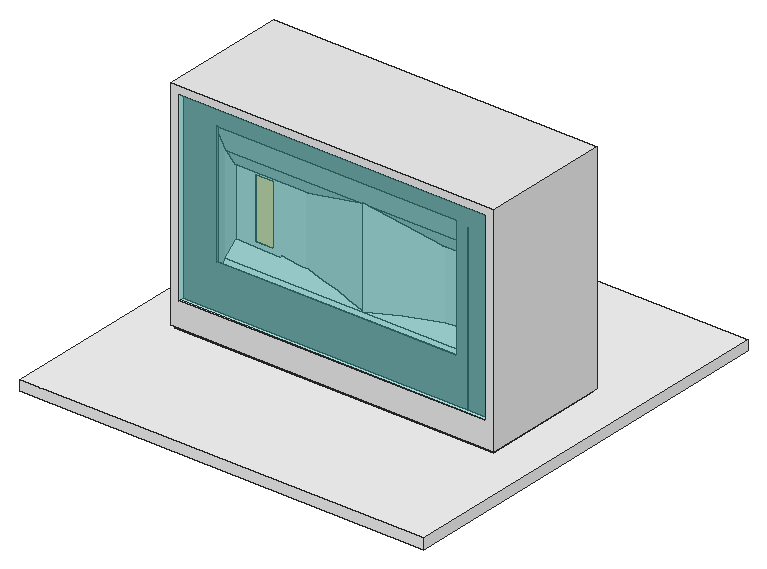
Revit family "BE_33378_de_DE", category Leuchten, Revit 2015
Parameters (values of type "BEGA_33378_Weiß_K4")
  built-in parameter 1150104 = 11.14 (stored number, unit not read)
  Wattage = 43.2 W
  Default Elevation = 0 mm
  built-in parameter 1150113 = 1 (stored number, unit not read)
  built-in parameter 1114218 = 1 (stored number, unit not read)
  Umgebungstemperatur = "25 °C"
  URL = "http://www.bega.de/produkt/33378"
  Typenkommentare = "© 2015 BEGA. Wir behalten uns das Recht vor, technische Änderungen ohne vorherige Ankündigung vorzunehmen."  # constant formula
  Type Image = 33378.png
  built-in parameter 1150134 = 12
  built-in parameter 1150109 = 1 (stored number, unit not read)
  Strom = ""
  built-in parameter 1150110 = 1 (stored number, unit not read)
  Spannung = 0 V
  Sonderanfertigung = no
  Seriennummer [instance] = "Hier können Sie die eindeutige Seriennummer für das Facility Management eintragen."
  Schutzklasse = "I"
  Schutzart = "IP 65"
  Scheinlast = 0 VA
  Produktdatenblatt = "http://www.bega.de/download/datenblaetter/de/33378.pdf"
  Neigungswinkel = 0.00°
  Modell = "33378WK4"
  Material_17 = BEGA_Reflektor
  Material_15 = BEGA_Leuchtmedium_matt
  Material_09 = BEGA_Glas_klar
  Material_06 = BEGA_Oberfläche_Edelstahl_gebürstet
  Material_03 = BEGA_Oberfläche_Weiss_matt
  Material_02 = BEGA_Oberfläche_Silber_matt
  Material_01 [instance] = BEGA_Oberfläche_Grafit_matt
  M_W = yes
  M_G = no
  M_A = no
  Logo = 0
  built-in parameter 1114217 = 1 (stored number, unit not read)
  built-in parameter 1150139 = (empty or 0)
  built-in parameter 1150105 = 412.22 (stored number, unit not read)
  built-in parameter 1150114 = 1 (stored number, unit not read)
  Lumens = 5180.11 lm
  built-in parameter 1150115 = 1 (stored number, unit not read)
  Leuchtenlichtstrom = "3539 lm"
  Leuchtenanzahl = ""
  Lebensdauerkriterien = "L70 = 50.000 h"
  Lastklassifizierung = Beleuchtung
  built-in parameter 1150112 = 1 (stored number, unit not read)
  Lampenlichtstrom = "5180 lm"
  Lampe = "LED 43.2 W"
  LED_Modulbezeichnung = "2x LED-0282/840 "
  built-in parameter 1150142 = (empty or 0)
  Hersteller = "BEGA"  # constant formula
  Gewicht = "5.35 kg"
  Frequenz = "0/50-60 Hz"
  Farbwiedergabeindex = "Ra > 80"
  Farbtemperaturverschiebung bei Dämpfen der Lampe = <Keine Auswahl>
  Farbtemperatur = "4000 K"
  Color Filter = 16777215
  built-in parameter 1150133 = 10 (stored number, unit not read)
  Energieeffizienzklasse = "LED A++ - A"
  built-in parameter 1150137 = (empty or 0)
  built-in parameter 1150132 = (empty or 0)
  Datei für fotometrisches Netz = "BE_33378K4.IES"
  CE_Konformität = "ja"
  Bestellnummer = "33378WK4"
  Beschreibung_Sonderanfertigung = "Hier können Sie Informationen zur Sonderanfertigung eintragen."
  Beschreibung = "Wandleuchte"
  built-in parameter 1150106 = 4.1222 (stored number, unit not read)
  Befestigungsbohrung = "Ø 6,5 mm"
  Befestigungsabstand = "280 x 70 mm"
  BEGA_Intern_aus = yes
  BEGA_Intern_an = yes
  BEGA_Intern_Konstruktion = yes
  BEGA_Intern = yes
  BEGA_IES = yes
  BEGA_Dummy = no
  Anschlussleistung [instance] = "49.5 W"
  built-in parameter 1150107 = 4000 (stored number, unit not read)
  built-in parameter 1150102 = (empty or 0)
  built-in parameter 1150138 = (empty or 0)
  Aktualisierung = "2015-11-03T04:10:14"
  AC/DC = "AC/DC"
Types (7, lengths in mm): name | built-in parameter 1150104 | built-in parameter 1150134 | Modell | M_W | M_G | M_A | built-in parameter 1150105 | Lumens | Lampenlichtstrom | LED_Modulbezeichnung | Farbtemperatur | Datei für fotometrisches Netz | Bestellnummer | built-in parameter 1150106 | built-in parameter 1150107
  (no name) | 11.14 (stored number, unit not read) | 12 | "33378WK4" | yes | no | no | 412.22 (stored number, unit not read) | 5180.11 lm | "5180 lm" | "2x LED-0282/840 " | "4000 K" | "BE_33378K4.IES" | "33378WK4" | 4.1222 (stored number, unit not read) | 4000 (stored number, unit not read)
  BEGA_33378_Weiß_K4 | 11.14 (stored number, unit not read) | 12 | "33378WK4" | yes | no | no | 412.22 (stored number, unit not read) | 5180.11 lm | "5180 lm" | "2x LED-0282/840 " | "4000 K" | "BE_33378K4.IES" | "33378WK4" | 4.1222 (stored number, unit not read) | 4000 (stored number, unit not read)
  BEGA_33378_Grafit_K4 | 11.14 (stored number, unit not read) | 12 | "33378K4" | no | yes | no | 412.22 (stored number, unit not read) | 5180.11 lm | "5180 lm" | "2x LED-0282/840 " | "4000 K" | "BE_33378K4.IES" | "33378K4" | 4.1222 (stored number, unit not read) | 4000 (stored number, unit not read)
  BEGA_33378_Silber_K4 | 11.14 (stored number, unit not read) | 12 | "33378AK4" | no | no | yes | 412.22 (stored number, unit not read) | 5180.11 lm | "5180 lm" | "2x LED-0282/840 " | "4000 K" | "BE_33378K4.IES" | "33378AK4" | 4.1222 (stored number, unit not read) | 4000 (stored number, unit not read)
  BEGA_33378_Silber_K3 | 10.409 (stored number, unit not read) | (empty or 0) | "33378A" | no | no | yes | 385.17 (stored number, unit not read) | 4840.13 lm | "4840 lm" | "2x LED-0282/830 " | "3000 K" | "BE_33378.IES" | "33378A" | 3.8517 (stored number, unit not read) | 3000 (stored number, unit not read)
  BEGA_33378_Weiß_K3 | 10.409 (stored number, unit not read) | (empty or 0) | "33378W" | yes | no | no | 385.17 (stored number, unit not read) | 4840.13 lm | "4840 lm" | "2x LED-0282/830 " | "3000 K" | "BE_33378.IES" | "33378W" | 3.8517 (stored number, unit not read) | 3000 (stored number, unit not read)
  BEGA_33378_Grafit_K3 | 10.409 (stored number, unit not read) | (empty or 0) | "33378" | no | yes | no | 385.17 (stored number, unit not read) | 4840.13 lm | "4840 lm" | "2x LED-0282/830 " | "3000 K" | "BE_33378.IES" | "33378" | 3.8517 (stored number, unit not read) | 3000 (stored number, unit not read)
Reference planes
  plane 1 "Mitte (Vorne/Hinten)": y = 0
  plane 2: z = 0
  plane 3 "Mitte (Links/Rechts)": x = 0
  plane 4 "Links": x = -159.909
  plane 5 "Rechts": x = 159.909
  plane 6 "Unten": y = -63.574
  plane 7 "Oben": y = 63.574
  plane 8 "Vorne": z = 216.909
Forms (mm)
  Extrusion 1, solid, material "BEGA_Platte_Weiss"
    sketch origin (0, -1119.2, 0) x (1, 0, 0) y (0, 1, 0)
      loop
        line (-200, 1319.2) -> (-200, 919.2) -> (200, 919.2) -> (200, 1319.2) -> (-200, 1319.2)
    from 0 to -10
  Extrusion 2, solid, material "BEGA_Dummy_matt", visible <- "BEGA_Dummy"
    sketch origin (80.095, -76.023, 0) x (1, 0, 0) y (0, 1, 0)
      loop
        line (-240.004, 139.597) -> (-240.004, 12.449) -> (79.814, 12.449) -> (79.814, 139.597) -> (-240.004, 139.597)
    from 0 to 25.379
Dimensions and locks
  plane 1 "Mitte (Vorne/Hinten)" to Extrusion 1 = 200 mm
  aligned and locked: plane 2 to Extrusion 1
  aligned and locked: level to Extrusion 1
Nested families
  nested 1: "BE_33378_Wandleuchte" at (0, 0, 0), type "BE_33378_Wandleuchte"
    with BEGA_Infotext_Winkel no
Connectors
  electrical at (0, 0, 0), driven by "Lastklassifizierung", driven by "Spannung", driven by "Scheinlast"
    settings: index 1, voltage 0 V, apparent load 0 VA, apparent load phase1 0 VA, apparent load phase2 0 VA, apparent load phase3 0 VA, power factor 1, load classification "Beleuchtung", number of poles 1, system type 31, power factor state 1, is connector primary yes, connector utility no, sub classification motor no, connector description ""
Definition of nested family "BE_33378_Wandleuchte"
  Parameters (values of type "BE_33378_Wandleuchte")
    Default Elevation = 1 mm
    URL = "http://www.bega.de/de/produkt"
    Type Comments = "© 2015 BEGA. Wir behalten uns das Recht vor, technische Änderungen ohne vorherige Ankündigung vorzunehmen. "  # constant formula
    Type Image = Bega_Revit_Typenbild_78x78.png
    Material_17 = none
    Material_15 = none
    Material_09 = none
    Material_03 = none
    Material_02 = none
    Material_01 = none
    M_W = yes
    M_G = yes
    M_A = yes
    Länge_Platte = 350 mm  # constant formula
    Höhe_Platte = -10 mm  # constant formula
    Manufacturer = "BEGA"  # constant formula
    Breite_Platte = 200 mm  # constant formula
    BEGA_Infotext_Winkel [instance] = no
    Aktualisierung = "Stand: 25.03.2015"  # constant formula
  Reference planes
    plane 1 "Mitte (Oben/Unten)": y = 0
    plane 2: z = 0
    plane 3 "Mitte (Links/Rechts)": x = 0
    plane 4 "Oben": y = 63.574
    plane 5: z = 216.909
    plane 6: x = 159.909
    plane 7: x = -159.909
    plane 8: y = -63.574
  Forms (mm)
    Extrusion 1, solid, detail levels medium
      sketch origin (0, 0, 0) x (1, 0, 0) y (0, 1, 0)
        loop
          line (-175, 100) -> (-175, -100) -> (175, -100) -> (175, 100) -> (-175, 100)
      from 0 to -10 <- "Höhe_Platte"
    Sweep 2, solid, material <- "Material_01", visible <- "M_G", detail levels medium+fine
      path origin (0, 0, 0) x (1, 0, 0) y (0, 1, 0)
        loop
          line (-158.835, 62.5) -> (-158.835, -62.5) -> (158.835, -62.5) -> (158.835, 62.5) -> (-158.835, 62.5)
      profile origin (0, 62.5, 0) x (0, 1, 0) y (0, 0, 1)
        loop
          line (-8.837, 2.5) -> (-9.5, 21.5) -> (-20.5, 21.5) -> (-20.867, 11) -> (-25.56, 11) -> (-25.56, 8) -> (-13, 8) -> (-12.459, 1.817)
          arc (-12.459, 1.817) -> (-11.815, 0.523) -> (-10.467, 0) r 2
          line (-10.467, 0) -> (-0.913, 0) -> (-1, 2.5) -> (-8.837, 2.5)
    Extrusion 3, solid, material <- "Material_01", visible <- "M_G", detail levels medium+fine
      sketch origin (0, 0, 0) x (1, 0, 0) y (0, 1, 0)
        loop
          line (-133.275, -36.94) -> (133.275, -36.94) -> (133.275, 36.94) -> (-133.275, 36.94) -> (-133.275, -36.94)
      from 8 to 11
    Sweep 4, solid, material <- "Material_01", visible <- "M_G", detail levels medium+fine
      path origin (0, 0, 0) x (1, 0, 0) y (0, 1, 0)
        loop
          line (-157.835, -61.5) -> (157.835, -61.5) -> (157.835, 61.5) -> (-157.835, 61.5) -> (-157.835, -61.5)
      profile origin (-157.835, 0, 0) x (-1, 0, 0) y (0, 0, 1)
        loop
          line (2.074, 216.909) -> (-13.304, 216.909) -> (-13.304, 210.101) -> (-5.734, 210.101) -> (-5.734, 23) -> (-1.143, 23) -> (-0.427, 2.5) -> (2.074, 2.5) -> (2.074, 216.909)
    Extrusion 5, solid, material <- "Material_01", visible <- "M_G", detail levels medium+fine
      sketch origin (0, 0, 0) x (1, 0, 0) y (0, 0, 1)
        loop
          line (144.531, 216.909) -> (-144.531, 216.909) -> (-144.531, 210.101) -> (144.531, 210.101) -> (144.531, 216.909)
      from -48.196 to 48.196
    Extrusion 6, void
      sketch origin (0, 0, 0) x (0, 1, 0) y (0, 0, 1)
        loop
          line (-63.574, 210.101) -> (-63.574, 26.89) -> (-53.574, 26.89) -> (-53.574, 210.101) -> (-63.574, 210.101)
      from -152.101 to 152.101
    Extrusion 7, solid, material <- "Material_09", detail levels medium+fine
      sketch origin (0, 0, 0) x (0, 1, 0) y (0, 0, 1)
        loop
          line (-62.3, 26.89) -> (-58.3, 26.89) -> (-58.3, 214.11) -> (-62.3, 214.11) -> (-62.3, 26.89)
      from -152.101 to 152.101
    Extrusion 8, solid, material <- "Material_01", detail levels medium+fine
      sketch origin (0, -58.3, 213.25) x (0, 0, -1) y (-1, 0, 0)
        loop
          line (-0.86, 152.101) -> (-0.86, -152.101) -> (186.36, -152.101) -> (186.36, 152.101) -> (-0.86, 152.101)
        loop
          line (21.89, -118.351) -> (142.36, -118.351) -> (142.36, 118.351) -> (21.89, 118.351) -> (21.89, -118.351)
      from 0 to 0.883
    Extrusion 9, solid, material <- "Material_17", detail levels medium+fine
      sketch origin (0, 0, 0) x (1, 0, 0) y (0, 1, 0)
        loop
          spline (-140.459, -8.017) -> (-140.19, -12.258) -> (-139.672, -16.488) -> (-138.904, -20.699) -> (-137.888, -24.882) -> (-136.627, -29.031) -> (-135.121, -33.138) -> (-133.375, -37.195) -> (-131.39, -41.196) -> (-129.171, -45.134) -> (-126.722, -49.001) -> (-124.047, -52.79) -> (-121.15, -56.495)
          line (-121.15, -56.495) -> (-129.583, -56.495) -> (-129.583, -57.589) -> (-119.583, -57.589)
          spline (-119.583, -57.589) -> (-122.613, -53.855) -> (-125.415, -50.031) -> (-127.982, -46.124) -> (-130.312, -42.142) -> (-132.399, -38.092) -> (-134.239, -33.981) -> (-135.829, -29.817) -> (-137.166, -25.608) -> (-138.248, -21.362) -> (-139.072, -17.086) -> (-139.637, -12.789) -> (-139.942, -8.479)
          arc (-139.942, -8.479) -> (-69.125, -10.116) -> (0, -25.589) r 360
          arc (0, -25.589) -> (69.125, -10.116) -> (139.942, -8.479) r 360
          spline (139.942, -8.479) -> (139.637, -12.789) -> (139.072, -17.086) -> (138.248, -21.362) -> (137.166, -25.608) -> (135.829, -29.817) -> (134.239, -33.981) -> (132.399, -38.092) -> (130.312, -42.142) -> (127.982, -46.124) -> (125.415, -50.031) -> (122.613, -53.855) -> (119.583, -57.589)
          line (119.583, -57.589) -> (129.583, -57.589) -> (129.583, -56.477) -> (121.165, -56.477)
          spline (121.165, -56.477) -> (124.06, -52.773) -> (126.733, -48.985) -> (129.18, -45.119) -> (131.397, -41.183) -> (133.38, -37.183) -> (135.125, -33.127) -> (136.629, -29.022) -> (137.89, -24.875) -> (138.905, -20.693) -> (139.672, -16.485) -> (140.191, -12.257) -> (140.459, -8.017)
          arc (140.459, -8.017) -> (69.385, -9.581) -> (0, -25.063) r 360.5
          arc (0, -25.063) -> (-69.385, -9.581) -> (-140.459, -8.017) r 360.5
      from 26.89 to 189.466
    Extrusion 10, void
      sketch origin (0, 0, 0) x (0, 1, 0) y (0, 0, 1)
        loop
          line (-10.384, 129.45) -> (-7.089, 129.45) -> (-7.089, 194.45) -> (-55.089, 194.45) -> (-55.089, 191.95) -> (-25.051, 149.956) -> (-10.384, 129.45)
        loop
          arc (-6.624, 63.492) -> (-30.521, 51.913) -> (-56.616, 46.997) r 100.5
          line (-56.616, 46.997) -> (-56.616, 23.983) -> (-6.624, 24.855) -> (-6.624, 63.492)
      from -96.074 to 97.489
    Extrusion 11, solid, material <- "Material_17", detail levels medium+fine
      sketch origin (0, 0, 0) x (0, 1, 0) y (0, 0, 1)
        loop
          line (-54.959, 191.769) -> (-23.349, 147.575) -> (-9.613, 128.372) -> (-2.3, 128.372) -> (-2.3, 130.604) -> (-9.559, 130.604) -> (-53.997, 192.731) -> (-54.959, 191.769)
        loop
          arc (-25.589, 53.684) -> (-41.069, 49.058) -> (-57.089, 46.973) r 100.5
          line (-57.089, 46.973) -> (-57.089, 45.477)
          arc (-57.089, 45.477) -> (-31.271, 50.056) -> (-7.281, 60.64) r 109.553
          line (-7.281, 60.64) -> (-7.281, 63.061)
          arc (-7.281, 63.061) -> (-16.195, 57.903) -> (-25.589, 53.684) r 100.5
      from -139.942 to 139.942
    Extrusion 12, void
      sketch origin (0, 0, 0) x (1, 0, 0) y (0, 0, 1)
        loop
          line (-103, 125.397) -> (-121.15, 125.397) -> (-121.15, 65.509) -> (-103, 65.509) -> (-103, 125.397)
        loop
          line (103, 125.397) -> (103, 65.509) -> (121.15, 65.509) -> (121.15, 125.397) -> (103, 125.397)
      from 0 to 25.589
    Extrusion 13, solid, material <- "Material_15", detail levels medium+fine
      sketch origin (0, 0, 0) x (1, 0, 0) y (0, 0, 1)
        loop
          line (-103, 65.509) -> (-103, 125.397) -> (-121.15, 125.397) -> (-121.15, 65.509) -> (-103, 65.509)
        loop
          line (103, 125.397) -> (103, 65.509) -> (121.15, 65.509) -> (121.15, 125.397) -> (103, 125.397)
      from 2.377 to 6.575
    Extrusion 14, void
      sketch origin (0, 0, 0) x (1, 0, 0) y (0, 1, 0)
        loop
          circle (15, 30) r 8.5
        loop
          circle (-15, 30) r 8.5
        loop
          circle (140, 35) r 3.25
        loop
          circle (140, -35) r 3.25
        loop
          circle (-140, -35) r 3.25
        loop
          circle (-140, 35) r 3.25
      from 0 to 11
    Sweep 15, solid, material <- "Material_02", visible <- "M_A", detail levels medium+fine
      path origin (0, 0, 0) x (1, 0, 0) y (0, 1, 0)
        loop
          line (-157.835, -61.5) -> (157.835, -61.5) -> (157.835, 61.5) -> (-157.835, 61.5) -> (-157.835, -61.5)
      profile origin (-157.835, 0, 0) x (-1, 0, 0) y (0, 0, 1)
        loop
          line (2.074, 216.909) -> (-13.304, 216.909) -> (-13.304, 210.101) -> (-5.734, 210.101) -> (-5.734, 23) -> (-1.143, 23) -> (-0.427, 2.5) -> (2.074, 2.5) -> (2.074, 216.909)
    Extrusion 16, solid, material <- "Material_02", visible <- "M_A", detail levels medium+fine
      sketch origin (0, 0, 0) x (1, 0, 0) y (0, 0, 1)
        loop
          line (144.531, 216.909) -> (-144.531, 216.909) -> (-144.531, 210.101) -> (144.531, 210.101) -> (144.531, 216.909)
      from -48.196 to 48.196
    Sweep 17, solid, material <- "Material_03", visible <- "M_W", detail levels medium+fine
      path origin (0, 0, 0) x (1, 0, 0) y (0, 1, 0)
        loop
          line (-157.835, -61.5) -> (157.835, -61.5) -> (157.835, 61.5) -> (-157.835, 61.5) -> (-157.835, -61.5)
      profile origin (-157.835, 0, 0) x (-1, 0, 0) y (0, 0, 1)
        loop
          line (2.074, 216.909) -> (-13.304, 216.909) -> (-13.304, 210.101) -> (-5.734, 210.101) -> (-5.734, 23) -> (-1.143, 23) -> (-0.427, 2.5) -> (2.074, 2.5) -> (2.074, 216.909)
    Extrusion 18, solid, material <- "Material_03", visible <- "M_W", detail levels medium+fine
      sketch origin (0, 0, 0) x (1, 0, 0) y (0, 0, 1)
        loop
          line (144.531, 216.909) -> (-144.531, 216.909) -> (-144.531, 210.101) -> (144.531, 210.101) -> (144.531, 216.909)
      from -48.196 to 48.196
    Sweep 19, solid, material <- "Material_02", visible <- "M_A", detail levels medium+fine
      path origin (0, 0, 0) x (1, 0, 0) y (0, 1, 0)
        loop
          line (-158.835, 62.5) -> (-158.835, -62.5) -> (158.835, -62.5) -> (158.835, 62.5) -> (-158.835, 62.5)
      profile origin (0, 62.5, 0) x (0, 1, 0) y (0, 0, 1)
        loop
          line (-8.837, 2.5) -> (-9.5, 21.5) -> (-20.5, 21.5) -> (-20.867, 11) -> (-25.56, 11) -> (-25.56, 8) -> (-13, 8) -> (-12.459, 1.817)
          arc (-12.459, 1.817) -> (-11.815, 0.523) -> (-10.467, 0) r 2
          line (-10.467, 0) -> (-0.913, 0) -> (-1, 2.5) -> (-8.837, 2.5)
    Extrusion 20, solid, material <- "Material_02", visible <- "M_A", detail levels medium+fine
      sketch origin (0, 0, 0) x (1, 0, 0) y (0, 1, 0)
        loop
          line (-133.275, -36.94) -> (133.275, -36.94) -> (133.275, 36.94) -> (-133.275, 36.94) -> (-133.275, -36.94)
      from 8 to 11
    Sweep 21, solid, material <- "Material_03", visible <- "M_W", detail levels medium+fine
      path origin (0, 0, 0) x (1, 0, 0) y (0, 1, 0)
        loop
          line (-158.835, 62.5) -> (-158.835, -62.5) -> (158.835, -62.5) -> (158.835, 62.5) -> (-158.835, 62.5)
      profile origin (0, 62.5, 0) x (0, 1, 0) y (0, 0, 1)
        loop
          line (-8.837, 2.5) -> (-9.5, 21.5) -> (-20.5, 21.5) -> (-20.867, 11) -> (-25.56, 11) -> (-25.56, 8) -> (-13, 8) -> (-12.459, 1.817)
          arc (-12.459, 1.817) -> (-11.815, 0.523) -> (-10.467, 0) r 2
          line (-10.467, 0) -> (-0.913, 0) -> (-1, 2.5) -> (-8.837, 2.5)
    Extrusion 22, solid, material <- "Material_03", visible <- "M_W", detail levels medium+fine
      sketch origin (0, 0, 0) x (1, 0, 0) y (0, 1, 0)
        loop
          line (-133.275, -36.94) -> (133.275, -36.94) -> (133.275, 36.94) -> (-133.275, 36.94) -> (-133.275, -36.94)
      from 8 to 11
  Cuts and joins
    Extrusion 14 cuts Sweep 2
    Extrusion 14 cuts Extrusion 3
    joined: Sweep 2, Extrusion 3
    Extrusion 6, Extrusion 10, Extrusion 14 cuts Sweep 4
    Extrusion 6, Extrusion 10, Extrusion 14 cuts Extrusion 5
    joined: Sweep 4, Extrusion 5
    Extrusion 10, Extrusion 12 cuts Extrusion 9
    Extrusion 12 cuts Extrusion 7
    Extrusion 12 cuts Extrusion 8
    Extrusion 12, Extrusion 14 cuts Extrusion 11
    Extrusion 6 cuts Sweep 15
    joined: Sweep 15, Extrusion 16
    Extrusion 6, Extrusion 14 cuts Sweep 17
    joined: Sweep 17, Extrusion 18
    Extrusion 14 cuts Sweep 19
    Extrusion 14 cuts Extrusion 20
    joined: Sweep 19, Extrusion 20
    Extrusion 14 cuts Sweep 21
    Extrusion 14 cuts Extrusion 22
    joined: Sweep 21, Extrusion 22
  Dimensions and locks
    equal spacing: Extrusion 1 sketch curve, plane 3 "Mitte (Links/Rechts)", Extrusion 1 sketch curve
    equal spacing: Extrusion 1 sketch curve, plane 1 "Mitte (Oben/Unten)", Extrusion 1 sketch curve
    "Länge_Platte": Extrusion 1 sketch curve to Extrusion 1 sketch curve
    "Breite_Platte": Extrusion 1 sketch curve to Extrusion 1 sketch curve
    plane 1 "Mitte (Oben/Unten)" to Extrusion 1 = 100 mm  (x3)
    aligned and locked: Extrusion 1 to plane 2
    aligned and locked: Extrusion 1 to level
  Automatic sketch dimensions
    plane 1 "Mitte (Oben/Unten)" to Sweep 2 sketch curve = 62.5 mm
    Sweep 2 sketch curve to plane 1 "Mitte (Oben/Unten)" = 62.5 mm
    Sweep 2 sketch curve to level = 0 mm
    level to Sweep 2 sketch curve = 8 mm
    profile plane to Sweep 2 sketch curve = 25.56 mm
    Sweep 2 sketch curve to Sweep 2 sketch curve = 4.693 mm
    Sweep 2 sketch curve to Sweep 2 sketch curve = 0.367 mm
    Sweep 2 sketch curve to Sweep 2 sketch curve = 7.867 mm
    level to Sweep 2 sketch curve = 1.817 mm
    Sweep 2 sketch curve to Sweep 2 sketch curve = 0.541 mm
    Sweep 2 sketch curve to Sweep 2 sketch curve = 1.992 mm
    profile plane to Sweep 2 sketch curve = 9.5 mm
    Sweep 2 sketch curve to Sweep 2 sketch curve = 1.631 mm
    profile plane to Sweep 2 sketch curve = 1 mm
    profile plane to Sweep 2 sketch curve = 0.913 mm
    level to Sweep 2 sketch curve = 2.5 mm
    Sweep 2 sketch curve to Sweep 2 sketch curve = 3 mm
    Sweep 2 sketch curve to Sweep 2 sketch curve = 10.5 mm
    plane 1 "Mitte (Oben/Unten)" to Extrusion 3 sketch curve = 36.94 mm
    Extrusion 3 sketch curve to plane 1 "Mitte (Oben/Unten)" = 36.94 mm
    plane 1 "Mitte (Oben/Unten)" to Sweep 4 sketch curve = 61.5 mm
    Sweep 4 sketch curve to plane 1 "Mitte (Oben/Unten)" = 61.5 mm
    profile plane to Sweep 4 sketch curve = 13.304 mm
    profile plane to Sweep 4 sketch curve = 5.734 mm
    profile plane to Sweep 4 sketch curve = 1.143 mm
    profile plane to Sweep 4 sketch curve = 0.427 mm
    Sweep 4 sketch curve to profile plane = 2.074 mm
    level to Sweep 4 sketch curve = 2.5 mm
    Sweep 4 sketch curve to Sweep 4 sketch curve = 20.5 mm
    Sweep 4 sketch curve to Sweep 4 sketch curve = 187.101 mm
    Sweep 4 sketch curve to Sweep 4 sketch curve = 6.808 mm
    plane 1 "Mitte (Oben/Unten)" to Extrusion 7 sketch curve = 62.3 mm
    Extrusion 7 sketch curve to Extrusion 7 sketch curve = 4 mm
    level to Extrusion 7 sketch curve = 26.89 mm
    Extrusion 7 to Extrusion 8 sketch curve = 0 mm
    Extrusion 8 sketch curve to Extrusion 7 = 0 mm  (x3)
    Extrusion 8 sketch curve to Extrusion 7 = 22.75 mm
    Extrusion 7 to Extrusion 8 sketch curve = 44 mm
    Extrusion 7 to Extrusion 8 sketch curve = 33.75 mm  (x2)
    Extrusion 9 sketch curve to Extrusion 9 sketch curve = 0 mm  (x8)
    Extrusion 9 sketch curve to Extrusion 9 sketch curve = 8.433 mm
    Extrusion 9 sketch curve to Extrusion 9 sketch curve = 1.567 mm
    plane 1 "Mitte (Oben/Unten)" to Extrusion 9 sketch curve = 57.589 mm  (x2)
    Extrusion 9 sketch curve to Extrusion 9 sketch curve = 1.582 mm
    Extrusion 9 sketch curve to Extrusion 9 sketch curve = 8.418 mm
    Extrusion 9 sketch curve to Extrusion 9 sketch curve = 1.094 mm
    Extrusion 9 sketch curve to Extrusion 9 sketch curve = 1.112 mm
    plane 1 "Mitte (Oben/Unten)" to Extrusion 9 sketch curve = 8.479 mm
    Extrusion 9 sketch curve to Extrusion 9 sketch curve = 10.358 mm
    Extrusion 9 sketch curve to Extrusion 9 sketch curve = 0.517 mm  (x2)
    Extrusion 9 sketch curve to plane 3 "Mitte (Links/Rechts)" = 0.134 mm
    Extrusion 9 sketch curve to Extrusion 9 sketch curve = 0.018 mm  (x2)
    plane 3 "Mitte (Links/Rechts)" to Extrusion 9 sketch curve = 0.115 mm
    Extrusion 9 sketch curve to plane 3 "Mitte (Links/Rechts)" = 0 mm
    plane 1 "Mitte (Oben/Unten)" to Extrusion 9 sketch curve = 5.681 mm
    Extrusion 9 sketch curve to Extrusion 9 sketch curve = 0.209 mm
    Extrusion 9 sketch curve to Extrusion 9 sketch curve = 0.267 mm
    Extrusion 9 sketch curve to Extrusion 9 sketch curve = 0.269 mm
    Extrusion 9 sketch curve to Extrusion 9 sketch curve = 0.231 mm
    Extrusion 9 sketch curve to Extrusion 9 sketch curve = 0.526 mm
    plane 1 "Mitte (Oben/Unten)" to Extrusion 10 sketch curve = 62.011 mm
    plane 1 "Mitte (Oben/Unten)" to Extrusion 10 sketch curve = 56.616 mm
    Extrusion 10 sketch curve to Extrusion 10 sketch curve = 6.922 mm
    plane 1 "Mitte (Oben/Unten)" to Extrusion 10 sketch curve = 10.384 mm
    plane 1 "Mitte (Oben/Unten)" to Extrusion 10 sketch curve = 7.089 mm
    Extrusion 10 sketch curve to Extrusion 10 sketch curve = 44.598 mm
    Extrusion 10 sketch curve to Extrusion 10 sketch curve = 17.902 mm
    level to Extrusion 10 sketch curve = 46.997 mm
    Extrusion 10 sketch curve to Extrusion 10 sketch curve = 23.015 mm
    Extrusion 10 sketch curve to Extrusion 10 sketch curve = 2.5 mm
    plane 1 "Mitte (Oben/Unten)" to Extrusion 10 sketch curve = 6.624 mm
    plane 1 "Mitte (Oben/Unten)" to Extrusion 10 sketch curve = 25.051 mm
    Extrusion 10 sketch curve to Extrusion 10 sketch curve = 0 mm  (x2)
    Extrusion 10 sketch curve to Extrusion 10 sketch curve = 20.505 mm
    Extrusion 10 sketch curve to Extrusion 10 sketch curve = 38.637 mm
    Extrusion 11 sketch curve to Extrusion 11 sketch curve = 0 mm  (x5)
    plane 1 "Mitte (Oben/Unten)" to Extrusion 11 sketch curve = 63.176 mm
    Extrusion 11 sketch curve to Extrusion 11 sketch curve = 1.166 mm
    plane 1 "Mitte (Oben/Unten)" to Extrusion 11 sketch curve = 57.089 mm
    Extrusion 11 sketch curve to Extrusion 11 sketch curve = 8.217 mm
    Extrusion 11 sketch curve to Extrusion 11 sketch curve = 0.963 mm  (x2)
    plane 1 "Mitte (Oben/Unten)" to Extrusion 11 sketch curve = 9.613 mm
    Extrusion 11 sketch curve to Extrusion 11 sketch curve = 0.054 mm
    plane 1 "Mitte (Oben/Unten)" to Extrusion 11 sketch curve = 7.281 mm
    plane 1 "Mitte (Oben/Unten)" to Extrusion 11 sketch curve = 2.3 mm
    Extrusion 11 sketch curve to Extrusion 11 sketch curve = 36.908 mm
    Extrusion 11 sketch curve to Extrusion 11 sketch curve = 7.508 mm
    Extrusion 11 sketch curve to Extrusion 11 sketch curve = 16.748 mm
    Extrusion 11 sketch curve to Extrusion 11 sketch curve = 2.232 mm
    level to Extrusion 11 sketch curve = 63.061 mm
    Extrusion 11 sketch curve to Extrusion 11 sketch curve = 2.422 mm
    Extrusion 11 sketch curve to Extrusion 11 sketch curve = 18.308 mm
    Extrusion 11 sketch curve to Extrusion 11 sketch curve = 13.79 mm
    Extrusion 11 sketch curve to Extrusion 11 sketch curve = 16.971 mm
    Extrusion 12 sketch curve to Extrusion 12 sketch curve = 18.15 mm  (x2)
    level to Extrusion 12 sketch curve = 65.509 mm  (x2)
    Extrusion 12 sketch curve to Extrusion 12 sketch curve = 59.888 mm  (x2)
    level to Extrusion 13 sketch curve = 65.509 mm  (x2)
    Extrusion 13 sketch curve to Extrusion 13 sketch curve = 18.15 mm  (x2)
    Extrusion 13 sketch curve to Extrusion 13 sketch curve = 59.888 mm  (x2)
    level to Extrusion 6 sketch curve = 26.89 mm
    plane 1 "Mitte (Oben/Unten)" to Extrusion 6 sketch curve = 63.574 mm
    Extrusion 6 sketch curve to Extrusion 6 sketch curve = 10 mm
    Extrusion 14 sketch curve to plane 3 "Mitte (Links/Rechts)" = 15 mm
    plane 3 "Mitte (Links/Rechts)" to Extrusion 14 sketch curve = 15 mm
    Extrusion 14 sketch curve to plane 1 "Mitte (Oben/Unten)" = 30 mm
    Extrusion 14 sketch curve to Extrusion 14 sketch curve = 0 mm
    level to Extrusion 5 sketch curve = 210.101 mm
    Extrusion 5 sketch curve to Extrusion 5 sketch curve = 6.808 mm
    Extrusion 6 sketch curve to Extrusion 6 sketch curve = 183.211 mm
    Extrusion 7 sketch curve to Extrusion 7 sketch curve = 187.219 mm
    level to Extrusion 10 sketch curve = 24.855 mm
    level to Extrusion 11 sketch curve = 46.973 mm
    Sweep 2 sketch curve to plane 3 "Mitte (Links/Rechts)" = 158.835 mm
    Extrusion 3 sketch curve to plane 3 "Mitte (Links/Rechts)" = 133.275 mm
    Sweep 4 sketch curve to plane 3 "Mitte (Links/Rechts)" = 157.835 mm
    Extrusion 5 sketch curve to plane 3 "Mitte (Links/Rechts)" = 144.531 mm
    Extrusion 9 sketch curve to plane 3 "Mitte (Links/Rechts)" = 112.816 mm
    Extrusion 9 sketch curve to plane 3 "Mitte (Links/Rechts)" = 119.583 mm
    Extrusion 12 sketch curve to plane 3 "Mitte (Links/Rechts)" = 103 mm
    Extrusion 13 sketch curve to plane 3 "Mitte (Links/Rechts)" = 103 mm
    plane 3 "Mitte (Links/Rechts)" to Sweep 2 sketch curve = 158.835 mm
    plane 3 "Mitte (Links/Rechts)" to Extrusion 3 sketch curve = 133.275 mm
    plane 3 "Mitte (Links/Rechts)" to Sweep 4 sketch curve = 157.835 mm
    plane 3 "Mitte (Links/Rechts)" to Extrusion 5 sketch curve = 144.531 mm
    plane 3 "Mitte (Links/Rechts)" to Extrusion 9 sketch curve = 112.816 mm
    Extrusion 9 sketch curve to Extrusion 9 sketch curve = 20.358 mm
    plane 3 "Mitte (Links/Rechts)" to Extrusion 12 sketch curve = 103 mm
    plane 3 "Mitte (Links/Rechts)" to Extrusion 13 sketch curve = 103 mm
    Extrusion 9 sketch curve to Extrusion 9 sketch curve = 309.866 mm
    plane 7 to Sweep 15 sketch curve = 2.074 mm
    plane 6 to Sweep 15 sketch curve = 2.074 mm
    Sweep 15 sketch curve to plane 8 = 2.074 mm
    Sweep 15 sketch curve to plane 4 "Oben" = 2.074 mm
    profile plane to Sweep 15 sketch curve = 13.304 mm
    profile plane to Sweep 15 sketch curve = 5.734 mm
    profile plane to Sweep 15 sketch curve = 1.143 mm
    profile plane to Sweep 15 sketch curve = 0.427 mm
    Sweep 15 sketch curve to profile plane = 2.074 mm
    level to Sweep 15 sketch curve = 2.5 mm
    Sweep 15 sketch curve to Sweep 15 sketch curve = 20.5 mm
    Sweep 15 sketch curve to Sweep 15 sketch curve = 187.101 mm
    Sweep 15 sketch curve to Sweep 15 sketch curve = 6.808 mm
    Extrusion 16 sketch curve to plane 5 = 0 mm
    plane 7 to Extrusion 16 sketch curve = 15.378 mm
    Extrusion 16 sketch curve to plane 5 = 6.808 mm
    plane 6 to Extrusion 16 sketch curve = 15.378 mm
    plane 7 to Sweep 17 sketch curve = 2.074 mm
    plane 6 to Sweep 17 sketch curve = 2.074 mm
    Sweep 17 sketch curve to plane 8 = 2.074 mm
    Sweep 17 sketch curve to plane 4 "Oben" = 2.074 mm
    profile plane to Sweep 17 sketch curve = 13.304 mm
    profile plane to Sweep 17 sketch curve = 5.734 mm
    profile plane to Sweep 17 sketch curve = 1.143 mm
    profile plane to Sweep 17 sketch curve = 0.427 mm
    Sweep 17 sketch curve to profile plane = 2.074 mm
    level to Sweep 17 sketch curve = 2.5 mm
    Sweep 17 sketch curve to Sweep 17 sketch curve = 20.5 mm
    Sweep 17 sketch curve to Sweep 17 sketch curve = 187.101 mm
    Sweep 17 sketch curve to Sweep 17 sketch curve = 6.808 mm
    Extrusion 18 sketch curve to plane 5 = 0 mm
    plane 7 to Extrusion 18 sketch curve = 15.378 mm
    Extrusion 18 sketch curve to plane 5 = 6.808 mm
    plane 6 to Extrusion 18 sketch curve = 15.378 mm
    plane 7 to Sweep 19 sketch curve = 1.074 mm
    plane 6 to Sweep 19 sketch curve = 1.074 mm
    Sweep 19 sketch curve to plane 8 = 1.074 mm
    Sweep 19 sketch curve to plane 4 "Oben" = 1.074 mm
    Sweep 19 sketch curve to level = 0 mm
    level to Sweep 19 sketch curve = 8 mm
    profile plane to Sweep 19 sketch curve = 25.56 mm
    Sweep 19 sketch curve to Sweep 19 sketch curve = 4.693 mm
    Sweep 19 sketch curve to Sweep 19 sketch curve = 0.367 mm
    Sweep 19 sketch curve to Sweep 19 sketch curve = 7.867 mm
    level to Sweep 19 sketch curve = 1.817 mm
    Sweep 19 sketch curve to Sweep 19 sketch curve = 0.541 mm
    Sweep 19 sketch curve to Sweep 19 sketch curve = 1.992 mm
    profile plane to Sweep 19 sketch curve = 9.5 mm
    Sweep 19 sketch curve to Sweep 19 sketch curve = 1.631 mm
    profile plane to Sweep 19 sketch curve = 1 mm
    profile plane to Sweep 19 sketch curve = 0.913 mm
    level to Sweep 19 sketch curve = 2.5 mm
    Sweep 19 sketch curve to Sweep 19 sketch curve = 3 mm
    Sweep 19 sketch curve to Sweep 19 sketch curve = 10.5 mm
    plane 7 to Extrusion 20 sketch curve = 26.634 mm
    plane 6 to Extrusion 20 sketch curve = 26.634 mm
    Extrusion 20 sketch curve to plane 8 = 26.634 mm
    Extrusion 20 sketch curve to plane 4 "Oben" = 26.634 mm
    plane 7 to Sweep 21 sketch curve = 1.074 mm
    plane 6 to Sweep 21 sketch curve = 1.074 mm
    Sweep 21 sketch curve to plane 8 = 1.074 mm
    Sweep 21 sketch curve to plane 4 "Oben" = 1.074 mm
    Sweep 21 sketch curve to level = 0 mm
    level to Sweep 21 sketch curve = 8 mm
    profile plane to Sweep 21 sketch curve = 25.56 mm
    Sweep 21 sketch curve to Sweep 21 sketch curve = 4.693 mm
    Sweep 21 sketch curve to Sweep 21 sketch curve = 0.367 mm
    Sweep 21 sketch curve to Sweep 21 sketch curve = 7.867 mm
    level to Sweep 21 sketch curve = 1.817 mm
    Sweep 21 sketch curve to Sweep 21 sketch curve = 0.541 mm
    Sweep 21 sketch curve to Sweep 21 sketch curve = 1.992 mm
    profile plane to Sweep 21 sketch curve = 9.5 mm
    Sweep 21 sketch curve to Sweep 21 sketch curve = 1.631 mm
    profile plane to Sweep 21 sketch curve = 1 mm
    profile plane to Sweep 21 sketch curve = 0.913 mm
    level to Sweep 21 sketch curve = 2.5 mm
    Sweep 21 sketch curve to Sweep 21 sketch curve = 3 mm
    Sweep 21 sketch curve to Sweep 21 sketch curve = 10.5 mm
    plane 7 to Extrusion 22 sketch curve = 26.634 mm
    plane 6 to Extrusion 22 sketch curve = 26.634 mm
    Extrusion 22 sketch curve to plane 8 = 26.634 mm
    Extrusion 22 sketch curve to plane 4 "Oben" = 26.634 mm
    radius of Extrusion 14 sketch curve = 8.5 mm  (x2)
